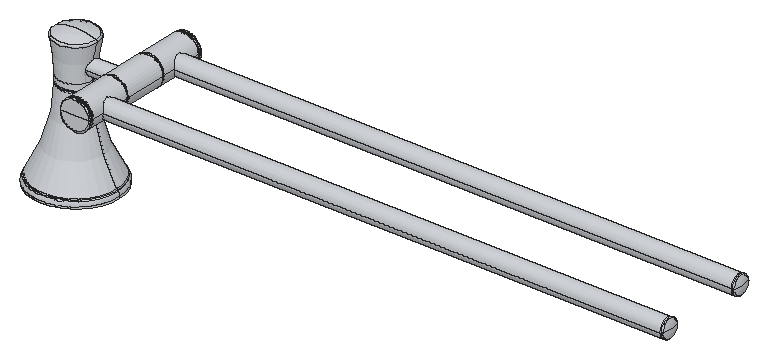
Revit family "Accessory-Towel_Arm-KOHLER-CORALAIS-K-13482T_1", category Specialty Equipment, host Face, Revit 2017
Family settings
  Host = Face
  Round Connector Dimension = Use Diameter
  Part Type = Normal
  OmniClass Number = 23.31.25.00
  Cut with Voids When Loaded = No
  Shared = No
  Room Calculation Point = No
Parameters (values of type "CP-Polished Chrome")
  Width = 16 99/128"  # constant formula
  WaterSense Certified = 1 = 0  # no
  URL = "http://www.kohler.com.cn/"
  Type = 1
  Product Page URL = "https://www.kohler.com.cn/product/K-13482T-CP/K-13482T-CP/"
  Product Name = "Coralais"  # constant formula
  Product Documentation Link = "https://files.kohler.com.cn/pdfs/13430t_13428t.pdf"
  Model = if(Type = 1, "K-13482T-CP", "NA")  # "K-13482T-CP"
  Material = "Solid Metal Construction"  # constant formula
  Master Format 2014 Name = "Toilet, Bath, and Laundry Accessories"  # constant formula
  Master Format 2014 = "10 28 00"  # constant formula
  Manufacturer Address = "Kohler Beijing Office (100016) 36-2-03-B, No. 88, Liuxiang Road, Beijing"  # constant formula
  Manufacturer = "KOHLER Co."  # constant formula
  Length = 3 169/256"  # constant formula
  Height = 2 93/256"  # constant formula
  Finish = Kohler-Metal-CP-Polished_Chrome
  Environmental Product Declaration = ""
  Description = "Double Towel Arm"  # constant formula
  Default Elevation = 42"
  Declare Label = ""
  Date Modified = "09/04/2020"  # constant formula
  Date Created = "09/04/2020"  # constant formula
  Copyright = "Copyright KOHLER Co."  # constant formula
  Contact Us = "http://www.kohler.com.cn/contact/contact-us/"
  Assembly Code = "C1030200"
  ADA Compliant = 1 = 0  # no
Reference planes (in)
  plane 1 "Center (Front/Back)": y = 0
  plane 2: z = 0
  plane 3 "Center (Left/Right)": x = 0
  plane 4: z = 3.66016
  plane 5: x = 16.77344
  plane 6: y = 1.18069
  plane 7: y = -1.18259
  plane 8: y = 1.85066
  plane 9: y = 1.43092
  plane 10: y = 0.93047
  plane 11: x = -1.15165
  plane 12: x = 1.15165
  plane 13: y = -1.85066
  plane 14: y = -1.43092
  plane 15: y = -0.93047
  plane 16: z = 3.14407
  plane 17: z = 2.64336
Dimensions and locks (in)
  "Height": plane 6 to plane 7
  "Width": plane 3 "Center (Left/Right)" to plane 5
  "Length": level to plane 4
  aligned and locked: plane 2 to host face
  aligned and locked: level to host face
Automatic sketch dimensions
  host sketch curve to host sketch curve = 96"  (x2)
Nested families (in)
  nested 1: "K-13482T" at (0, -0.00041, 0), type "K-13482T"
Definition of nested family "K-13482T"
  Parameters (values of type "K-13482T")
    Material = none
  Reference planes (in)
    plane 1 "Center (Front/Back)": y = 0
    plane 2: z = 0
    plane 3 "Center (Left/Right)": x = 0
    plane 4: z = 3.66142
    plane 5: x = 16.77165
    plane 6: y = -1.1811
    plane 7: y = 1.1811
    plane 8: y = 1.43133
    plane 9: y = 0.93088
    plane 10: y = -0.93088
    plane 11: y = -1.43133
    plane 12: x = -1.15165
    plane 13: y = 1.85107
    plane 14: y = -1.84971
    plane 15: x = 1.06323
    plane 16: x = 1.85162
    plane 17: z = 3.14407
    plane 18: z = 2.64336
  Forms (in)
    Revolve 1, solid, material <- "Material", detail levels medium+fine
      sketch origin (0, 0, 0) x (1, 0, 0) y (0, 0, 1)
        loop
          line (0, 0) -> (0, 3.66142)
          arc (0, 3.66142) -> (-0.26792, 3.62857) -> (-0.52639, 3.55075) r 1.58545
          arc (-0.52639, 3.55075) -> (-0.55172, 3.52797) -> (-0.55609, 3.4942) r 0.04902
          arc (-0.55609, 3.4942) -> (-0.47734, 3.03419) -> (-0.45098, 2.56823) r 4.13117
          line (-0.45098, 2.56823) -> (-0.45098, 2.40985)
          arc (-0.45098, 2.40985) -> (-0.44404, 2.3934) -> (-0.42742, 2.38687) r 0.02298
          arc (-0.42742, 2.38687) -> (-0.44398, 2.37966) -> (-0.45083, 2.36295) r 0.02401
          arc (-0.45083, 2.36295) -> (-0.61695, 1.23792) -> (-1.09454, 0.20584) r 3.97882
          line (-1.09454, 0.20584) -> (-1.09454, 0.17361)
          arc (-1.09454, 0.17361) -> (-1.11014, 0.16932) -> (-1.12135, 0.15765) r 0.0305
          arc (-1.12135, 0.15765) -> (-1.14395, 0.09983) -> (-1.15165, 0.03822) r 0.25052
          line (-1.15165, 0.03822) -> (-1.15165, 0) -> (0, 0)
        axis (0, 0) -> (0, 3.66142)
      angle from 0 to 360
    Extrusion 2, solid, material <- "Material", detail levels medium+fine
      sketch origin (0, 0, 0) x (0, 1, 0) y (0, 0, 1)
        loop
          circle (-0.00124, 2.89189) r 0.20366
      from 0 to 1.48161
    Revolve 3, solid, material <- "Material", detail levels medium+fine
      sketch origin (-2.06094, -180, 2.89372) x (-1, 0, 0) y (0, -1, 0)
        loop
          arc (-3.14475, -181.85107) -> (-3.1302, -181.84504) -> (-3.12417, -181.83049) r 0.02058
          line (-3.12417, -181.83049) -> (-3.12417, -181.79603)
          arc (-3.12417, -181.79603) -> (-3.13111, -181.77927) -> (-3.14952, -181.77233) r 0.0237
          arc (-3.14952, -181.77233) -> (-3.13159, -181.76491) -> (-3.12417, -181.74698) r 0.02535
          line (-3.12417, -181.74698) -> (-3.12417, -180.61181)
          arc (-3.12417, -180.61181) -> (-3.13019, -180.59726) -> (-3.14431, -180.59123) r 0.02058
          arc (-3.14431, -180.59123) -> (-3.13007, -180.58533) -> (-3.12417, -180.57109) r 0.02014
          line (-3.12417, -180.57109) -> (-3.12417, -179.43086)
          arc (-3.12417, -179.43086) -> (-3.13024, -179.4162) -> (-3.14421, -179.41013) r 0.02073
          arc (-3.14421, -179.41013) -> (-3.13004, -179.40426) -> (-3.12417, -179.39008) r 0.02004
          line (-3.12417, -179.39008) -> (-3.12417, -178.25033)
          arc (-3.12417, -178.25033) -> (-3.13041, -178.23527) -> (-3.14478, -178.22903) r 0.02131
          arc (-3.14478, -178.22903) -> (-3.13021, -178.22299) -> (-3.12417, -178.20841) r 0.02062
          line (-3.12417, -178.20841) -> (-3.12417, -178.17117)
          arc (-3.12417, -178.17117) -> (-3.13028, -178.1564) -> (-3.14505, -178.15029) r 0.02088
          line (-3.14505, -178.15029) -> (-3.51836, -178.15029) -> (-3.51836, -181.85107) -> (-3.14475, -181.85107)
        axis (-3.51836, -178.15029) -> (-3.51836, -181.85107)
      angle from 0 to 360
    Revolve 4, solid, material <- "Material", detail levels medium+fine
      sketch origin (-2.06094, -180, 2.89372) x (-1, 0, 0) y (0, -1, 0)
        loop
          arc (-18.75385, -181.41228) -> (-18.76913, -181.43036) -> (-18.78951, -181.41832) r 0.01834
          arc (-18.78951, -181.41832) -> (-18.8203, -181.30139) -> (-18.83259, -181.1811) r 0.77787
          line (-18.83259, -181.1811) -> (-3.74319, -181.1811) -> (-3.74319, -181.43133) -> (-18.73266, -181.43133)
          arc (-18.73266, -181.43133) -> (-18.74764, -181.42512) -> (-18.75385, -181.41014) r 0.02119
        axis (-3.74319, -181.1811) -> (-18.83259, -181.1811)
      angle from 0 to 360
    Revolve 5, solid, material <- "Material", detail levels medium+fine
      sketch origin (-2.06094, 180, 2.89372) x (-1, 0, 0) y (0, -1, 0)
        loop
          line (-3.74319, 181.43133) -> (-18.73266, 181.43133)
          arc (-18.73266, 181.43133) -> (-18.74764, 181.42512) -> (-18.75385, 181.41014) r 0.02119
          arc (-18.75385, 181.41014) -> (-18.76949, 181.4284) -> (-18.7903, 181.41603) r 0.01874
          arc (-18.7903, 181.41603) -> (-18.82051, 181.3002) -> (-18.83259, 181.1811) r 0.77787
          line (-18.83259, 181.1811) -> (-3.74319, 181.1811) -> (-3.74319, 181.43133)
        axis (-3.74319, 181.1811) -> (-18.83259, 181.1811)
      angle from 0 to 360
    Revolve 6, solid, material <- "Material", detail levels coarse
      sketch origin (0, 0, 0) x (1, 0, 0) y (0, 0, 1)
        loop
          line (0, 0) -> (0, 3.66142) -> (-0.45084, 3.66142) -> (-0.45084, 2.36179) -> (-1.09284, 0.20845) -> (-1.15165, 0.20845) -> (-1.15165, 0) -> (0, 0)
        axis (0, 0) -> (0, 3.66142)
      angle from 0 to 360
    Extrusion 7, solid, material <- "Material", detail levels coarse
      sketch origin (0, 0, 0) x (1, 0, 0) y (0, 0, 1)
        loop
          arc (1.12102, 2.68823) -> (1.42989, 2.50049) -> (1.76191, 2.64336) r 0.39419
          arc (1.76191, 2.64336) -> (1.85162, 2.89372) -> (1.76191, 3.14407) r 0.39419
          arc (1.76191, 3.14407) -> (1.42776, 3.28679) -> (1.11881, 3.09554) r 0.39419
          arc (1.11881, 3.09554) -> (1.06323, 2.89372) -> (1.11881, 2.6919) r 0.39419
      from -1.85053 to 1.85026
    Extrusion 8, solid, material <- "Material", detail levels coarse
      sketch origin (0, 0, 0) x (0, 1, 0) y (0, 0, 1)
        loop
          circle (1.1811, 2.89372) r 0.25023
        loop
          circle (-1.1811, 2.89372) r 0.25023
      from 1.37166 to 16.77165
    Extrusion 9, solid, material <- "Material", detail levels coarse
      sketch origin (0, 0, 0) x (0, 1, 0) y (0, 0, 1)
        loop
          circle (-0.00124, 2.89189) r 0.20366
      from 0 to 1.37166
  Cuts and joins
    joined: Revolve 1, Extrusion 2, Revolve 3, Revolve 4, Revolve 5
    joined: Revolve 6, Extrusion 8, Extrusion 9
  Lines and regions (in)
    Masking region 1
      outline origin (0, 0, 0) x (1, 0, 0) y (0, 0, 1)
        loop
          line (0, 0) -> (1.15165, 0) -> (1.15165, 0.03822)
          arc (1.15165, 0.03822) -> (1.14395, 0.09983) -> (1.12135, 0.15765) r 0.25052
          arc (1.12135, 0.15765) -> (1.11014, 0.16932) -> (1.09454, 0.17361) r 0.0305
          line (1.09454, 0.17361) -> (1.09454, 0.20584)
          arc (1.09454, 0.20584) -> (0.61711, 1.23737) -> (0.45084, 2.36179) r 3.97882
          line (0.45084, 2.36179) -> (0.42979, 2.38687) -> (0.45098, 2.41213) -> (0.45098, 2.56823)
          arc (0.45098, 2.56823) -> (0.45141, 2.62824) -> (0.45272, 2.68823) r 4.13117
          line (0.45272, 2.68823) -> (1.12102, 2.68823)
          arc (1.12102, 2.68823) -> (1.42989, 2.50049) -> (1.76191, 2.64336) r 0.39419
          line (1.76191, 2.64336) -> (16.67184, 2.64336)
          arc (16.67184, 2.64336) -> (16.68728, 2.64999) -> (16.69311, 2.66575) r 0.0213
          arc (16.69311, 2.66575) -> (16.70439, 2.64465) -> (16.72707, 2.65225) r 0.01853
          arc (16.72707, 2.65225) -> (16.75754, 2.77147) -> (16.77165, 2.89372) r 0.9101
          arc (16.77165, 2.89372) -> (16.75754, 3.01596) -> (16.72707, 3.13518) r 0.9101
          arc (16.72707, 3.13518) -> (16.70439, 3.14278) -> (16.69311, 3.12169) r 0.01853
          arc (16.69311, 3.12169) -> (16.68728, 3.13744) -> (16.67184, 3.14407) r 0.0213
          line (16.67184, 3.14407) -> (1.76191, 3.14407)
          arc (1.76191, 3.14407) -> (1.42776, 3.28679) -> (1.11881, 3.09554) r 0.39419
          line (1.11881, 3.09554) -> (0.48477, 3.09554)
          arc (0.48477, 3.09554) -> (0.51615, 3.29912) -> (0.55763, 3.50089) r 4.13117
          arc (0.55763, 3.50089) -> (0.5493, 3.53831) -> (0.51491, 3.55525) r 0.04436
          arc (0.51491, 3.55525) -> (0.26188, 3.62983) -> (0, 3.66142) r 1.58545
          arc (0, 3.66142) -> (-0.26188, 3.62983) -> (-0.51491, 3.55525) r 1.58545
          arc (-0.51491, 3.55525) -> (-0.5493, 3.53831) -> (-0.55763, 3.50089) r 0.04436
          arc (-0.55763, 3.50089) -> (-0.47773, 3.0376) -> (-0.45098, 2.56823) r 4.13117
          line (-0.45098, 2.56823) -> (-0.45098, 2.41213) -> (-0.42979, 2.38687) -> (-0.45084, 2.36179)
          arc (-0.45084, 2.36179) -> (-0.61711, 1.23737) -> (-1.09454, 0.20584) r 3.97882
          line (-1.09454, 0.20584) -> (-1.09454, 0.17361)
          arc (-1.09454, 0.17361) -> (-1.11014, 0.16932) -> (-1.12135, 0.15765) r 0.0305
          arc (-1.12135, 0.15765) -> (-1.14395, 0.09983) -> (-1.15165, 0.03822) r 0.25052
          line (-1.15165, 0.03822) -> (-1.15165, 0) -> (0, 0)
    Masking region 2
      outline origin (0, 0, 0) x (0, 1, 0) y (0, 0, 1)
        loop
          arc (-1.85026, 2.51962) -> (-1.84423, 2.50507) -> (-1.82967, 2.49904) r 0.02058
          line (-1.82967, 2.49904) -> (-1.79522, 2.49904)
          arc (-1.79522, 2.49904) -> (-1.77846, 2.50598) -> (-1.77152, 2.52439) r 0.0237
          arc (-1.77152, 2.52439) -> (-1.76409, 2.50646) -> (-1.74616, 2.49904) r 0.02535
          line (-1.74616, 2.49904) -> (-0.61099, 2.49904)
          arc (-0.61099, 2.49904) -> (-0.59644, 2.50506) -> (-0.59042, 2.51918) r 0.02058
          arc (-0.59042, 2.51918) -> (-0.58452, 2.50494) -> (-0.57027, 2.49904) r 0.02014
          line (-0.57027, 2.49904) -> (-0.45098, 2.49904) -> (-0.45098, 2.41213) -> (-0.42979, 2.38687) -> (-0.45084, 2.36179)
          arc (-0.45084, 2.36179) -> (-0.61711, 1.23737) -> (-1.09454, 0.20584) r 3.97882
          line (-1.09454, 0.20584) -> (-1.09454, 0.17361)
          arc (-1.09454, 0.17361) -> (-1.12968, 0.17028) -> (-1.15624, 0.14703) r 0.05744
          arc (-1.15624, 0.14703) -> (-1.17481, 0.09403) -> (-1.1811, 0.03822) r 0.25052
          line (-1.1811, 0.03822) -> (-1.1811, 0) -> (0, 0) -> (1.1811, 0) -> (1.1811, 0.03822)
          arc (1.1811, 0.03822) -> (1.17481, 0.09403) -> (1.15624, 0.14703) r 0.25052
          arc (1.15624, 0.14703) -> (1.12968, 0.17028) -> (1.09454, 0.17361) r 0.05744
          line (1.09454, 0.17361) -> (1.09454, 0.20584)
          arc (1.09454, 0.20584) -> (0.61711, 1.23737) -> (0.45084, 2.36179) r 3.97882
          line (0.45084, 2.36179) -> (0.42979, 2.38687) -> (0.45098, 2.41213) -> (0.45098, 2.49904) -> (0.56995, 2.49904)
          arc (0.56995, 2.49904) -> (0.58461, 2.50511) -> (0.59069, 2.51908) r 0.02073
          arc (0.59069, 2.51908) -> (0.59656, 2.50491) -> (0.61073, 2.49904) r 0.02004
          line (0.61073, 2.49904) -> (1.75048, 2.49904)
          arc (1.75048, 2.49904) -> (1.76555, 2.50528) -> (1.77179, 2.51965) r 0.02131
          arc (1.77179, 2.51965) -> (1.77783, 2.50508) -> (1.79241, 2.49904) r 0.02062
          line (1.79241, 2.49904) -> (1.82965, 2.49904)
          arc (1.82965, 2.49904) -> (1.84441, 2.50515) -> (1.85053, 2.51992) r 0.02088
          line (1.85053, 2.51992) -> (1.85053, 3.26654)
          arc (1.85053, 3.26654) -> (1.84441, 3.28131) -> (1.82965, 3.28743) r 0.02088
          line (1.82965, 3.28743) -> (1.79241, 3.28743)
          arc (1.79241, 3.28743) -> (1.77783, 3.28139) -> (1.77179, 3.26612) r 0.02062
          arc (1.77179, 3.26612) -> (1.76555, 3.28118) -> (1.75048, 3.28743) r 0.02131
          line (1.75048, 3.28743) -> (0.61073, 3.28743)
          arc (0.61073, 3.28743) -> (0.59656, 3.28155) -> (0.59069, 3.26669) r 0.02004
          arc (0.59069, 3.26669) -> (0.58461, 3.28135) -> (0.56995, 3.28743) r 0.02073
          line (0.56995, 3.28743) -> (0.51406, 3.28743)
          arc (0.51406, 3.28743) -> (0.53444, 3.39444) -> (0.55763, 3.50089) r 4.13117
          arc (0.55763, 3.50089) -> (0.5493, 3.53831) -> (0.51491, 3.55525) r 0.04436
          arc (0.51491, 3.55525) -> (0.26188, 3.62983) -> (0, 3.66142) r 1.58545
          arc (0, 3.66142) -> (-0.26188, 3.62983) -> (-0.51491, 3.55525) r 1.58545
          arc (-0.51491, 3.55525) -> (-0.5493, 3.53831) -> (-0.55763, 3.50089) r 0.04436
          arc (-0.55763, 3.50089) -> (-0.53444, 3.39444) -> (-0.51406, 3.28743) r 4.13117
          line (-0.51406, 3.28743) -> (-0.57027, 3.28743)
          arc (-0.57027, 3.28743) -> (-0.58452, 3.28153) -> (-0.59042, 3.26685) r 0.02014
          arc (-0.59042, 3.26685) -> (-0.59644, 3.2814) -> (-0.61099, 3.28743) r 0.02058
          line (-0.61099, 3.28743) -> (-1.74616, 3.28743)
          arc (-1.74616, 3.28743) -> (-1.76409, 3.28) -> (-1.77152, 3.26373) r 0.02535
          arc (-1.77152, 3.26373) -> (-1.77846, 3.28048) -> (-1.79522, 3.28743) r 0.0237
          line (-1.79522, 3.28743) -> (-1.82967, 3.28743)
          arc (-1.82967, 3.28743) -> (-1.84423, 3.2814) -> (-1.85026, 3.26684) r 0.02058
          line (-1.85026, 3.26684) -> (-1.85026, 2.51962)
    Masking region 3
      outline origin (-2.06094, -180, 2.89372) x (-1, 0, 0) y (0, -1, 0)
        loop
          arc (-0.90929, -180) -> (-1.8353, -178.87067) -> (-3.12417, -179.55747) r 1.15165
          line (-3.12417, -179.55747) -> (-3.12417, -179.43086)
          arc (-3.12417, -179.43086) -> (-3.13024, -179.4162) -> (-3.14421, -179.41013) r 0.02073
          arc (-3.14421, -179.41013) -> (-3.13004, -179.40426) -> (-3.12417, -179.39008) r 0.02004
          line (-3.12417, -179.39008) -> (-3.12417, -178.25033)
          arc (-3.12417, -178.25033) -> (-3.13041, -178.23527) -> (-3.14478, -178.22903) r 0.02131
          arc (-3.14478, -178.22903) -> (-3.13021, -178.22299) -> (-3.12417, -178.20841) r 0.02062
          line (-3.12417, -178.20841) -> (-3.12417, -178.17117)
          arc (-3.12417, -178.17117) -> (-3.13028, -178.1564) -> (-3.14505, -178.15029) r 0.02088
          line (-3.14505, -178.15029) -> (-3.51836, -178.15029) -> (-3.89167, -178.15029)
          arc (-3.89167, -178.15029) -> (-3.90644, -178.1564) -> (-3.91256, -178.17117) r 0.02088
          line (-3.91256, -178.17117) -> (-3.91256, -178.20841)
          arc (-3.91256, -178.20841) -> (-3.90652, -178.22299) -> (-3.89125, -178.22903) r 0.02062
          arc (-3.89125, -178.22903) -> (-3.90632, -178.23527) -> (-3.91256, -178.25033) r 0.02131
          line (-3.91256, -178.25033) -> (-3.91256, -178.56867) -> (-18.7325, -178.56867)
          arc (-18.7325, -178.56867) -> (-18.74694, -178.57465) -> (-18.75292, -178.58908) r 0.02041
          arc (-18.75292, -178.58908) -> (-18.76626, -178.57059) -> (-18.78801, -178.57743) r 0.01948
          arc (-18.78801, -178.57743) -> (-18.81975, -178.69642) -> (-18.83259, -178.8189) r 0.78921
          arc (-18.83259, -178.8189) -> (-18.81975, -178.94138) -> (-18.78801, -179.06036) r 0.78921
          arc (-18.78801, -179.06036) -> (-18.76626, -179.0672) -> (-18.75292, -179.04871) r 0.01948
          arc (-18.75292, -179.04871) -> (-18.74694, -179.06315) -> (-18.7325, -179.06912) r 0.02041
          line (-18.7325, -179.06912) -> (-3.91256, -179.06912) -> (-3.91256, -179.39008)
          arc (-3.91256, -179.39008) -> (-3.90669, -179.40426) -> (-3.89182, -179.41013) r 0.02004
          arc (-3.89182, -179.41013) -> (-3.90648, -179.4162) -> (-3.91256, -179.43086) r 0.02073
          line (-3.91256, -179.43086) -> (-3.91256, -180.57109)
          arc (-3.91256, -180.57109) -> (-3.90666, -180.58533) -> (-3.89198, -180.59123) r 0.02014
          arc (-3.89198, -180.59123) -> (-3.90653, -180.59726) -> (-3.91256, -180.61181) r 0.02058
          line (-3.91256, -180.61181) -> (-3.91256, -180.93088) -> (-18.7325, -180.93088)
          arc (-18.7325, -180.93088) -> (-18.74694, -180.93685) -> (-18.75292, -180.95129) r 0.02041
          arc (-18.75292, -180.95129) -> (-18.76626, -180.9328) -> (-18.78801, -180.93964) r 0.01948
          arc (-18.78801, -180.93964) -> (-18.81975, -181.05862) -> (-18.83259, -181.1811) r 0.78921
          arc (-18.83259, -181.1811) -> (-18.81975, -181.30358) -> (-18.78801, -181.42257) r 0.78921
          arc (-18.78801, -181.42257) -> (-18.76626, -181.42941) -> (-18.75292, -181.41092) r 0.01948
          arc (-18.75292, -181.41092) -> (-18.74694, -181.42535) -> (-18.7325, -181.43133) r 0.02041
          line (-18.7325, -181.43133) -> (-3.91256, -181.43133) -> (-3.91256, -181.74698)
          arc (-3.91256, -181.74698) -> (-3.90513, -181.76491) -> (-3.88886, -181.77233) r 0.02535
          arc (-3.88886, -181.77233) -> (-3.90562, -181.77927) -> (-3.91256, -181.79603) r 0.0237
          line (-3.91256, -181.79603) -> (-3.91256, -181.83049)
          arc (-3.91256, -181.83049) -> (-3.90653, -181.84504) -> (-3.89197, -181.85107) r 0.02058
          line (-3.89197, -181.85107) -> (-3.51836, -181.85107) -> (-3.14475, -181.85107)
          arc (-3.14475, -181.85107) -> (-3.1302, -181.84504) -> (-3.12417, -181.83049) r 0.02058
          line (-3.12417, -181.83049) -> (-3.12417, -181.79603)
          arc (-3.12417, -181.79603) -> (-3.13111, -181.77927) -> (-3.14952, -181.77233) r 0.0237
          arc (-3.14952, -181.77233) -> (-3.13159, -181.76491) -> (-3.12417, -181.74698) r 0.02535
          line (-3.12417, -181.74698) -> (-3.12417, -180.61181)
          arc (-3.12417, -180.61181) -> (-3.13019, -180.59726) -> (-3.14431, -180.59123) r 0.02058
          arc (-3.14431, -180.59123) -> (-3.13007, -180.58533) -> (-3.12417, -180.57109) r 0.02014
          line (-3.12417, -180.57109) -> (-3.12417, -180.44253)
          arc (-3.12417, -180.44253) -> (-1.8353, -181.12933) -> (-0.90929, -180) r 1.15165
    symbolic lines, detail levels medium+fine
      curve 1: arc (0.48477, 0, 3.09554) -> (0.4182, 0, 2.89586) -> (0.45272, 0, 2.68823) r 0.43691
      curve 2: arc (1.11881, 0, 3.09554) -> (1.06323, 0, 2.89372) -> (1.11881, 0, 2.6919) r 0.39419
      curve 3: arc (1.76191, 0, 3.14407) -> (1.85162, 0, 2.89372) -> (1.76191, 0, 2.64336) r 0.39419
      curve 4: line (-0.51491, 0, 3.55525) -> (0.51491, 0, 3.55525)
      curve 5: line (-0.42979, 0, 2.38687) -> (0.42979, 0, 2.38687)
      curve 6: line (-1.09454, 0, 0.20584) -> (1.09454, 0, 0.20584)
      curve 7: line (-1.09454, 0, 0.17361) -> (1.09454, 0, 0.17361)
      curve 8: line (16.69311, 0, 3.12169) -> (16.69311, 0, 2.66575)
      curve 9: line (16.72707, 0, 3.13518) -> (16.72707, 0, 2.65225)
      curve 10: line (0, -1.09454, 0.17361) -> (0, 1.09454, 0.17361)
      curve 11: line (0, -1.09454, 0.20584) -> (0, 1.09454, 0.20584)
      curve 12: line (0, -0.42979, 2.38687) -> (0, 0.42979, 2.38687)
      curve 13: line (0, -0.51491, 3.55525) -> (0, 0.51491, 3.55525)
      curve 14: line (0, -0.59042, 3.28743) -> (0, 0.59069, 3.28743)
      curve 15: line (0, -0.45098, 2.49904) -> (0, 0.45098, 2.49904)
      curve 16: line (0, -1.77152, 3.26207) -> (0, -1.77152, 2.51207)
      curve 17: line (0, -0.59042, 3.28743) -> (0, -0.59042, 2.51685)
      curve 18: line (0, 0.59069, 3.28743) -> (0, 0.59069, 2.51669)
      curve 19: line (0, 1.77233, 3.26256) -> (0, 1.77233, 2.52488)
      curve 20: arc (0, -0.93088, 2.89372) -> (0, -1.1811, 3.14394) -> (0, -1.43133, 2.89372) r 0.25023
      curve 21: arc (0, -1.43133, 2.89372) -> (0, -1.1811, 2.64349) -> (0, -0.93088, 2.89372) r 0.25023
      curve 22: arc (0, 0.93088, 2.89372) -> (0, 1.1811, 3.14394) -> (0, 1.43133, 2.89372) r 0.25023
      curve 23: arc (0, 1.43133, 2.89372) -> (0, 1.1811, 2.64349) -> (0, 0.93088, 2.89372) r 0.25023
      curve 24: arc (0, -1.42257, 2.89372) -> (0, -1.1811, 3.13518) -> (0, -0.93964, 2.89372) r 0.24147
      curve 25: arc (0, -0.93964, 2.89372) -> (0, -1.1811, 2.65225) -> (0, -1.42257, 2.89372) r 0.24147
      curve 26: arc (0, 0.93964, 2.89372) -> (0, 1.1811, 3.13518) -> (0, 1.42257, 2.89372) r 0.24147
      curve 27: arc (0, 1.42257, 2.89372) -> (0, 1.1811, 2.65225) -> (0, 0.93964, 2.89372) r 0.24147
      curve 28: arc (-1.09454, 0, 2.89372) -> (-0.13089, 1.08668, 2.89372) -> (1.06323, 0.25989, 2.89372) r 1.09454
      curve 29: arc (1.06323, -0.25989, 2.89372) -> (-0.13089, -1.08668, 2.89372) -> (-1.09454, 0, 2.89372) r 1.09454
      curve 30: arc (0.51491, 0, 2.89372) -> (0, -0.51491, 2.89372) -> (-0.51491, 0, 2.89372) r 0.51491
      curve 31: arc (-0.51491, 0, 2.89372) -> (0, 0.51491, 2.89372) -> (0.51491, 0, 2.89372) r 0.51491
      curve 32: circle (0, 0, 2.89372) r 0.56113 normal (0, 0, 1)
      curve 33: line (0.52357, 0.20183, 2.89372) -> (1.06323, 0.20183, 2.89372)
      curve 34: line (0.52357, -0.20183, 2.89372) -> (1.06323, -0.20183, 2.89372)
      curve 35: arc (1.06323, 0.20183, 2.89372) -> (1.12358, 0, 2.89372) -> (1.06323, -0.20183, 2.89372) r 0.36767
      curve 36: line (1.06323, 0.20183, 2.89372) -> (1.06323, 0.44252, 2.89372)
      curve 37: line (1.06323, -0.20183, 2.89372) -> (1.06323, -0.44252, 2.89372)
      curve 38: line (1.08858, 1.77233, 2.89372) -> (1.82626, 1.77233, 2.89372)
      curve 39: line (1.08337, 0.59123, 2.89372) -> (1.83148, 0.59123, 2.89372)
      curve 40: line (1.08327, -0.58987, 2.89372) -> (1.83327, -0.58987, 2.89372)
      curve 41: line (1.08385, -1.77097, 2.89372) -> (1.83031, -1.77097, 2.89372)
      curve 42: arc (1.85162, -0.93088, 2.89372) -> (1.76217, -1.1811, 2.89372) -> (1.85162, -1.43133, 2.89372) r 0.39471
      curve 43: arc (1.85162, 1.43133, 2.89372) -> (1.76622, 1.1811, 2.89372) -> (1.85162, 0.93088, 2.89372) r 0.40931
      curve 44: line (16.69198, 1.41092, 2.89372) -> (16.69198, 0.95048, 2.89372)
      curve 45: line (16.72707, 1.42257, 2.89372) -> (16.72707, 0.93964, 2.89372)
      curve 46: line (16.69198, -1.41092, 2.89372) -> (16.69198, -0.95048, 2.89372)
      curve 47: line (16.72707, -1.42257, 2.89372) -> (16.72707, -0.93964, 2.89372)
  Dimensions and locks (in)
    aligned and locked: plane 2 to level
